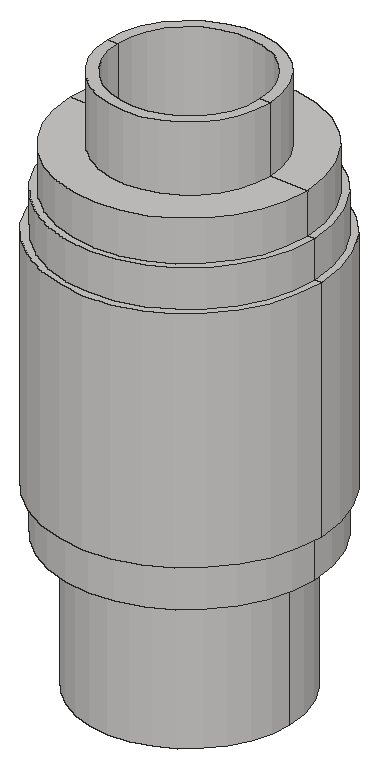
Revit family "Adjustable Adaptor-JCI_Sapphire_Plus-(70 bar)Novec1", category Specialty Equipment, Revit 2017
Family settings
  Round Connector Dimension = Use Diameter
  Part Type = Normal
  OmniClass Number = 23.29.33.13.11
  Work Plane-Based = Yes
  Always vertical = Yes
  Cut with Voids When Loaded = No
  Shared = Yes
  Room Calculation Point = No
Parameters (values of type "50mm 2")
  URL = "http://www.sapphireplus.com"
  Product Page URL = "http://www.sapphireplus.com"
  Product Documentation Link = "http://www.sapphireplus.com"
  NR = 30.00 mm
  Model Disclaimer = "For More Information Contact JOHNSON CONTROLS"  # constant formula
  Model = "306700004"
  Manufacturer = "Johnson Controls, Inc."  # constant formula
  Fire Suppression Agent = "3M™ Novec™ 1230 Fire Protection Fluid"  # constant formula
  Family Version = "1.0"  # constant formula
  Equipment Number = "XXX"  # constant formula
  Equipment Abbreviation = "AA"  # constant formula
  Description = "Adjustable Height Adaptor"  # constant formula
  Default Elevation = 1219.20 mm
  Date Modified = "YYYY/MM/DD"  # constant formula
  Date Created = "2018/10/11"  # constant formula
  Copyright © = "Copyright © 2001-2018 Johnson Controls Inc."  # constant formula
  BS = 52.25 mm
  Assembly Code = "D4090300"
  Adjustment Control [instance] = if(Adjustment > 32.00 mm, 32.00 mm, (if(Adjustment < 0.00 mm, 0.00 mm, Adjustment)))  # 32.00 mm
  Adjustment [instance] = 32.00 mm
Reference planes
  plane 1 "Center (Front/Back)": y = 0
  plane 2: z = 0
  plane 3 "Center (Left/Right)": x = 0
  plane 4 "Length Bottom": z = -19
  plane 5 "Adjustment Control": z = 32
  plane 6 "Adjustment Control Ref2": z = 47.25
  plane 7 "Adjustment Control Ref4": z = 131.25
  plane 8 "Nominal Radius Ref4": x = -43.84
  plane 9 "Length Top": z = 184
  plane 10 "Nominal Radius Ref5": x = -46.34
  plane 11 "Nominal Radius Ref6": x = -48.84
  plane 12 "Nominal Radius Ref2": x = -37.34
  plane 13 "Adjustment Control Ref5": z = 145
  plane 14 "Adjustment Control Ref7": z = 160
  plane 15 "Length Ref2": z = 44
  plane 16 "Length Ref1": z = 39
  plane 17 "Adjustment Control Ref3": z = 79
  plane 18 "Nominal Radius Ref3": x = -42.76
  plane 19 "Nominal Radius 1": x = -30
  plane 20 "Length Ref3": z = 98.989
  plane 21 "Nominal Radius Reference": x = -26.25
  plane 22 "Adjustment Control Ref6": z = 152
  plane 23 "Nominal Radius Ref1": x = -32.371
  plane 24 "Nominal Radius": x = -30
  plane 25 "Adjustment Control & Lenght Ref": z = 38.349
Forms (mm)
  Revolve 1, solid, material "JCI - Metal - Stainless Steel - Satin"
    sketch origin (0, 0, 0) x (1, 0, 0) y (0, 0, 1)
      loop
        line (-30, -19) -> (-30, 98.989) -> (-32.371, 98.989) -> (-32.371, 44) -> (-42.76, 44) -> (-42.76, 39) -> (-37.34, 39) -> (-37.34, -19) -> (-30, -19)
      axis (0, 98.989) -> (0, -19)
    angle from 0 to 360
  Revolve 2, solid, material "JCI - Metal - Stainless Steel - Satin"
    sketch origin (0, 0, 0) x (1, 0, 0) y (0, 0, 1)
      loop
        line (-37.34, 32) -> (-37.34, 38.349) -> (-42.76, 38.349) -> (-42.76, 79) -> (-32.371, 79) -> (-32.371, 152) -> (-26.25, 152) -> (-26.25, 184) -> (-30, 184) -> (-30, 160) -> (-43.84, 160) -> (-43.84, 145) -> (-46.34, 145) -> (-46.34, 131.25) -> (-48.84, 131.25) -> (-48.84, 47.25) -> (-46.34, 47.25) -> (-46.34, 32) -> (-37.34, 32)
      axis (0, 184) -> (0, 32)
    angle from 0 to 360
Dimensions and locks
  "NR": plane 19 "Nominal Radius 1" to plane 3 "Center (Left/Right)"
  "NR": plane 3 "Center (Left/Right)" to plane 24 "Nominal Radius"
  locked: plane 21 "Nominal Radius Reference" to plane 24 "Nominal Radius" at 3.75
  plane 11 "Nominal Radius Ref6" to plane 10 "Nominal Radius Ref5" to plane 8 "Nominal Radius Ref4" to plane 18 "Nominal Radius Ref3" to plane 12 "Nominal Radius Ref2" to plane 19 "Nominal Radius 1" = 2.50 mm locked, 2.50 mm locked, 1.08 mm locked, 5.42 mm locked, 7.34 mm locked
  locked: plane 23 "Nominal Radius Ref1" to plane 19 "Nominal Radius 1" at 2.371
  plane 9 "Length Top" to level = 184.00 mm
  plane 20 "Length Ref3" to plane 15 "Length Ref2" to plane 16 "Length Ref1" to level to plane 4 "Length Bottom" = 54.989 mm locked, 5.00 mm locked, 39.00 mm locked, 19.00 mm locked
  plane 9 "Length Top" to plane 4 "Length Bottom" = 203.00 mm
  "Adjustment Control": plane 5 "Adjustment Control" to level
  plane 9 "Length Top" to plane 14 "Adjustment Control Ref7" to plane 22 "Adjustment Control Ref6" to plane 13 "Adjustment Control Ref5" to plane 7 "Adjustment Control Ref4" = 24.00 mm locked, 8.00 mm locked, 7.00 mm locked, 13.75 mm locked
  "BS": plane 7 "Adjustment Control Ref4" to plane 17 "Adjustment Control Ref3"
  plane 17 "Adjustment Control Ref3" to plane 6 "Adjustment Control Ref2" to plane 25 "Adjustment Control & Lenght Ref" to plane 5 "Adjustment Control" = 31.75 mm locked, 8.901 mm locked, 6.349 mm locked
  aligned and locked: level to plane 2
  aligned and locked: plane 4 "Length Bottom" to Revolve 1 sketch curve
  aligned and locked: Revolve 1 sketch curve to plane 12 "Nominal Radius Ref2"
  aligned and locked: plane 19 "Nominal Radius 1" to Revolve 1 sketch curve
  aligned and locked: Revolve 1 sketch curve to plane 15 "Length Ref2"
  aligned and locked: Revolve 1 sketch curve to plane 3 "Center (Left/Right)"
  aligned and locked: plane 5 "Adjustment Control" to Revolve 2 sketch curve
  aligned and locked: Revolve 2 sketch curve to plane 10 "Nominal Radius Ref5"  (x2)
  aligned and locked: Revolve 2 sketch curve to plane 3 "Center (Left/Right)"
  aligned and locked: Revolve 1 sketch curve to plane 20 "Length Ref3"
  aligned and locked: Revolve 1 sketch curve to plane 18 "Nominal Radius Ref3"
  aligned and locked: plane 16 "Length Ref1" to Revolve 1 sketch curve
  aligned and locked: Revolve 2 sketch curve to plane 21 "Nominal Radius Reference"
  aligned and locked: plane 22 "Adjustment Control Ref6" to Revolve 2 sketch curve
  aligned and locked: Revolve 2 sketch curve to plane 23 "Nominal Radius Ref1"
  aligned and locked: plane 24 "Nominal Radius" to Revolve 2 sketch curve
  aligned and locked: Revolve 1 sketch curve to plane 23 "Nominal Radius Ref1"
  aligned and locked: Revolve 2 sketch curve to plane 14 "Adjustment Control Ref7"
  aligned and locked: Revolve 2 sketch curve to plane 8 "Nominal Radius Ref4"
  aligned and locked: Revolve 2 sketch curve to plane 11 "Nominal Radius Ref6"
  aligned and locked: Revolve 2 sketch curve to plane 7 "Adjustment Control Ref4"
  aligned and locked: Revolve 2 sketch curve to plane 13 "Adjustment Control Ref5"
  aligned and locked: plane 6 "Adjustment Control Ref2" to Revolve 2 sketch curve
  aligned and locked: plane 12 "Nominal Radius Ref2" to Revolve 2 sketch curve
  aligned and locked: plane 18 "Nominal Radius Ref3" to Revolve 2 sketch curve
  aligned and locked: Revolve 2 sketch curve to plane 25 "Adjustment Control & Lenght Ref"
  aligned and locked: Revolve 2 sketch curve to plane 9 "Length Top"
Automatic sketch dimensions
  Revolve 1 sketch curve to plane 4 "Length Bottom" = 590.60 mm
  plane 9 "Length Top" to Revolve 1 sketch curve = 2441.058 mm
  Revolve 2 sketch curve to plane 17 "Adjustment Control Ref3" = 0.00 mm
  Revolve 2 sketch curve to plane 4 "Length Bottom" = 590.60 mm
  plane 9 "Length Top" to Revolve 2 sketch curve = 2441.058 mm
